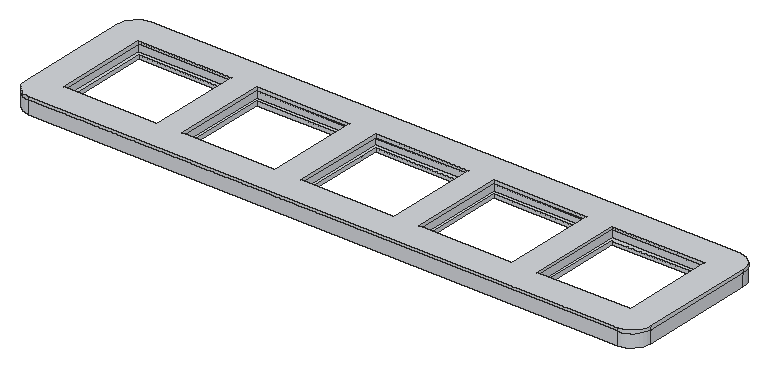
Revit family "Gira_0215423", category Electrical Fixtures, host Face, Revit 2017
Family settings
  Host = Face
  Maintain Annotation Orientation = No
  Round Connector Dimension = Use Diameter
  Part Type = Normal
  Cut with Voids When Loaded = No
  Shared = No
  Room Calculation Point = No
Parameters (values of type "Cov.fr. 5-g Gira E3 dark grey/anthra.")
  URL = "http://katalog.gira.de/en/datenblatt.html?artikelnr=0215423"
  Transparent = "No"
  Name = "Cov.fr. 5-g Gira E3 dark grey/anthra."
  Manufacturer URL = "https://www.gira.de/"
  Manufacturer = "Gira"
  Keynote = ""
  HeinzeBIM = "https://bimportal.heinze.de/bim/cov-fr-5-g-gira-e3-dark-grey-anthra-/f9a7bd0bd218113d1d3d9eb6e9421c04ae76fe88"
  HAN = "0215423"
  GTIN = "4010337024125"
  Description = "Cov.fr.5g E3 DgyAn,Gira E3 cover frame,dark grey soft touch with anthracite intermediate frame,5-gang,Features:,- Shatter-proof.,,Notes :,- Soft-touch surface,- NCS value: approx. NCS S 7000-N"
  Default Elevation = 1219.2 mm
  Data sheet (1) = "https://katalog.gira.de/en/download.html?artikelnr=0215423"
  Category = "Cover frame for domestic switching devices"
  BIM (1) = "https://media.stage.bim.site/public/gira/36a6b08/E3_Rahmen_5fach.rfa"
  Available = "No"
Reference planes
  plane 1 "Center (Front/Back)": y = 0
  plane 2: z = 0
  plane 3 "Center (Left/Right)": x = 0
Forms (mm)
  Extrusion 1, solid, detail levels fine
    sketch origin (0, 0, 0) x (1, 0, 0) y (0, 1, 0)
      loop
        arc (-177.4, 45.809) -> (-185.185, 42.585) -> (-188.409, 34.8) r 11.009
        line (-188.409, 34.8) -> (-188.409, -34.8)
        arc (-188.409, -34.8) -> (-185.185, -42.585) -> (-177.4, -45.809) r 11.009
        line (-177.4, -45.809) -> (177.4, -45.809)
        arc (177.4, -45.809) -> (185.185, -42.585) -> (188.409, -34.8) r 11.009
        line (188.409, -34.8) -> (188.409, 34.8)
        arc (188.409, 34.8) -> (185.185, 42.585) -> (177.4, 45.809) r 11.009
        line (177.4, 45.809) -> (-177.4, 45.809)
      loop
        line (-114.5, 28.187) -> (-170.756, 28.187) -> (-170.756, -28.187) -> (-114.5, -28.187) -> (-114.5, 28.187)
      loop
        line (-99.6, 28.187) -> (-99.6, -28.187) -> (-43.344, -28.187) -> (-43.344, 28.187) -> (-99.6, 28.187)
      loop
        line (114.5, 28.187) -> (114.5, -28.187) -> (170.756, -28.187) -> (170.756, 28.187) -> (114.5, 28.187)
      loop
        line (28.301, 28.187) -> (-27.955, 28.187) -> (-27.955, -28.187) -> (28.301, -28.187) -> (28.301, 28.187)
      loop
        line (43.143, 28.187) -> (43.143, -28.187) -> (99.399, -28.187) -> (99.399, 28.187) -> (43.143, 28.187)
    from 7.65 to 9.5
  Extrusion 2, solid, detail levels fine
    sketch origin (-142.8, 0, 0) x (1, 0, 0) y (0, 1, 0)
      loop
        line (26.1, 25.7) -> (-25.7, 25.7) -> (-25.7, -25.7) -> (26.1, -25.7) -> (26.1, 25.7)
      loop
        line (-28.187, -28.156) -> (28.187, -28.156) -> (28.187, 28.156) -> (-28.187, 28.156) -> (-28.187, -28.156)
    from 1.65 to 3.9
  Extrusion 3, solid, detail levels fine
    sketch origin (0, 0, 0) x (1, 0, 0) y (0, 1, 0)
      loop
        arc (-177.4, 45.809) -> (-185.185, 42.585) -> (-188.409, 34.8) r 11.009
        line (-188.409, 34.8) -> (-188.409, -34.8)
        arc (-188.409, -34.8) -> (-185.185, -42.585) -> (-177.4, -45.809) r 11.009
        line (-177.4, -45.809) -> (177.4, -45.809)
        arc (177.4, -45.809) -> (185.185, -42.585) -> (188.409, -34.8) r 11.009
        line (188.409, -34.8) -> (188.409, 34.8)
        arc (188.409, 34.8) -> (185.185, 42.585) -> (177.4, 45.809) r 11.009
        line (177.4, 45.809) -> (-177.4, 45.809)
      loop
        line (-186.443, 34.785) -> (-186.443, -34.785)
        arc (-186.443, -34.785) -> (-183.79, -41.19) -> (-177.385, -43.843) r 9.058
        line (-177.385, -43.843) -> (177.385, -43.843)
        arc (177.385, -43.843) -> (183.79, -41.19) -> (186.443, -34.785) r 9.058
        line (186.443, -34.785) -> (186.443, 34.785)
        arc (186.443, 34.785) -> (183.79, 41.19) -> (177.385, 43.843) r 9.058
        line (177.385, 43.843) -> (-177.385, 43.843)
        arc (-177.385, 43.843) -> (-183.79, 41.19) -> (-186.443, 34.785) r 9.058
    from 0 to 7.65
  Extrusion 4, solid, detail levels fine
    sketch origin (-35.75, 0, 0) x (1, 0, 0) y (0, 1, 0)
      loop
        line (-134.256, -31.075) -> (205.755, -31.075)
        arc (205.755, -31.075) -> (208.399, -29.98) -> (209.494, -27.337) r 3.739
        line (209.494, -27.337) -> (209.494, 27.337)
        arc (209.494, 27.337) -> (208.399, 29.98) -> (205.755, 31.075) r 3.739
        line (205.755, 31.075) -> (-134.256, 31.075)
        arc (-134.256, 31.075) -> (-136.899, 29.98) -> (-137.994, 27.337) r 3.739
        line (-137.994, 27.337) -> (-137.994, -27.337)
        arc (-137.994, -27.337) -> (-136.899, -29.98) -> (-134.256, -31.075) r 3.739
      loop
        line (-136.844, 27.537) -> (-136.844, -27.537)
        arc (-136.844, -27.537) -> (-136.145, -29.226) -> (-134.456, -29.925) r 2.389
        line (-134.456, -29.925) -> (205.955, -29.925)
        arc (205.955, -29.925) -> (207.644, -29.226) -> (208.344, -27.537) r 2.389
        line (208.344, -27.537) -> (208.344, 27.537)
        arc (208.344, 27.537) -> (207.644, 29.226) -> (205.955, 29.925) r 2.389
        line (205.955, 29.925) -> (-134.456, 29.925)
        arc (-134.456, 29.925) -> (-136.145, 29.226) -> (-136.844, 27.537) r 2.389
    from 1.65 to 7.65
  Extrusion 5, solid, detail levels fine
    sketch origin (0, 0, 0) x (1, 0, 0) y (0, 1, 0)
      loop
        line (-174.653, -39.8) -> (174.653, -39.8)
        arc (174.653, -39.8) -> (180.267, -36.708) -> (182.5, -30.7) r 9.2
        line (182.5, -30.7) -> (182.5, 30.7)
        arc (182.5, 30.7) -> (179.805, 37.205) -> (173.3, 39.9) r 9.2
        line (173.3, 39.9) -> (-173.3, 39.9)
        arc (-173.3, 39.9) -> (-179.805, 37.205) -> (-182.5, 30.7) r 9.2
        line (-182.5, 30.7) -> (-182.5, -30.7)
        arc (-182.5, -30.7) -> (-180.267, -36.708) -> (-174.653, -39.8) r 9.2
      loop
        line (-173.3, -31.7) -> (173.3, -31.7)
        arc (173.3, -31.7) -> (174.007, -31.407) -> (174.3, -30.7) r 1
        line (174.3, -30.7) -> (174.3, 30.7)
        arc (174.3, 30.7) -> (174.007, 31.407) -> (173.3, 31.7) r 1
        line (173.3, 31.7) -> (-173.3, 31.7)
        arc (-173.3, 31.7) -> (-174.007, 31.407) -> (-174.3, 30.7) r 1
        line (-174.3, 30.7) -> (-174.3, -30.7)
        arc (-174.3, -30.7) -> (-174.007, -31.407) -> (-173.3, -31.7) r 1
    from 1.65 to 3.9
  Extrusion 6, solid, detail levels fine
    sketch origin (-142.8, 0, 0) x (1, 0, 0) y (0, 1, 0)
      loop
        line (-28.187, 28.156) -> (-28.187, -28.156) -> (28.187, -28.156) -> (28.187, 28.156) -> (-28.187, 28.156)
      loop
        line (-29.925, 29.925) -> (-29.925, -29.925) -> (29.925, -29.925) -> (29.925, 29.925) -> (-29.925, 29.925)
    from 1.65 to 7.65
  Extrusion 7, solid, detail levels coarse+medium
    sketch origin (0, 0, 0) x (1, 0, 0) y (0, 1, 0)
      loop
        line (-188.409, 45.809) -> (-188.409, -45.809) -> (188.409, -45.809) -> (188.409, 45.809) -> (-188.409, 45.809)
    from 0 to 9.5
  Extrusion 8, solid, detail levels fine
    sketch origin (-71.3, 0, 0) x (-1, 0, 0) y (0, -1, 0)
      loop
        line (25.9, -25.7) -> (25.9, 25.7) -> (-25.9, 25.7) -> (-25.9, -25.7) -> (25.9, -25.7)
      loop
        line (-28.187, 28.156) -> (-28.187, -28.156) -> (28.187, -28.156) -> (28.187, 28.156) -> (-28.187, 28.156)
    from 1.65 to 3.9
  Extrusion 9, solid, detail levels fine
    sketch origin (-71.3, 0, 0) x (-1, 0, 0) y (0, -1, 0)
      loop
        line (-28.187, -28.156) -> (28.187, -28.156) -> (28.187, 28.156) -> (-28.187, 28.156) -> (-28.187, -28.156)
      loop
        line (-29.925, -29.925) -> (29.925, -29.925) -> (29.925, 29.925) -> (-29.925, 29.925) -> (-29.925, -29.925)
    from 1.65 to 7.65
  Extrusion 10, solid, detail levels fine
    sketch origin (0.2, 0, 0) x (-1, 0, 0) y (0, -1, 0)
      loop
        line (26.1, -25.7) -> (26.1, 25.7) -> (-25.7, 25.7) -> (-25.7, -25.7) -> (26.1, -25.7)
      loop
        line (-28.187, 28.156) -> (-28.187, -28.156) -> (28.187, -28.156) -> (28.187, 28.156) -> (-28.187, 28.156)
    from 1.65 to 3.9
  Extrusion 11, solid, detail levels fine
    sketch origin (0.2, 0, 0) x (-1, 0, 0) y (0, -1, 0)
      loop
        line (-28.187, -28.156) -> (28.187, -28.156) -> (28.187, 28.156) -> (-28.187, 28.156) -> (-28.187, -28.156)
      loop
        line (-29.925, -29.925) -> (29.925, -29.925) -> (29.925, 29.925) -> (-29.925, 29.925) -> (-29.925, -29.925)
    from 1.65 to 7.65
  Extrusion 12, solid, detail levels fine
    sketch origin (71.5, 0, 0) x (-1, 0, 0) y (0, -1, 0)
      loop
        line (26.1, -25.7) -> (26.1, 25.7) -> (-25.7, 25.7) -> (-25.7, -25.7) -> (26.1, -25.7)
      loop
        line (-28.187, 28.156) -> (-28.187, -28.156) -> (28.187, -28.156) -> (28.187, 28.156) -> (-28.187, 28.156)
    from 1.65 to 3.9
  Extrusion 13, solid, detail levels fine
    sketch origin (71.5, 0, 0) x (-1, 0, 0) y (0, -1, 0)
      loop
        line (-28.187, -28.156) -> (28.187, -28.156) -> (28.187, 28.156) -> (-28.187, 28.156) -> (-28.187, -28.156)
      loop
        line (-29.925, -29.925) -> (29.925, -29.925) -> (29.925, 29.925) -> (-29.925, 29.925) -> (-29.925, -29.925)
    from 1.65 to 7.65
  Extrusion 14, solid, detail levels fine
    sketch origin (142.8, 0, 0) x (-1, 0, 0) y (0, -1, 0)
      loop
        line (26.1, -25.7) -> (26.1, 25.7) -> (-25.7, 25.7) -> (-25.7, -25.7) -> (26.1, -25.7)
      loop
        line (-28.187, 28.156) -> (-28.187, -28.156) -> (28.187, -28.156) -> (28.187, 28.156) -> (-28.187, 28.156)
    from 1.65 to 3.9
  Extrusion 15, solid, detail levels fine
    sketch origin (142.8, 0, 0) x (-1, 0, 0) y (0, -1, 0)
      loop
        line (-28.187, -28.156) -> (28.187, -28.156) -> (28.187, 28.156) -> (-28.187, 28.156) -> (-28.187, -28.156)
      loop
        line (-29.925, -29.925) -> (29.925, -29.925) -> (29.925, 29.925) -> (-29.925, 29.925) -> (-29.925, -29.925)
    from 1.65 to 7.65
Dimensions and locks
  aligned and locked: plane 2 to host face
  aligned and locked: level to host face
